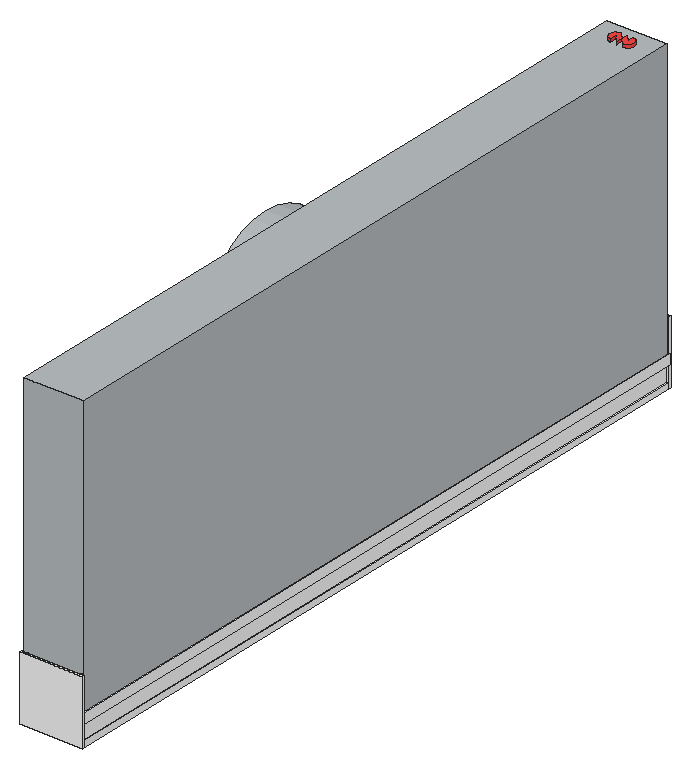
Revit family "NLRS_57_AIR_UN_linear-ceiling-grill-srxrxRUx_supply_LT_sacs", category Air Terminals, Revit 2021
Family settings
  Round Connector Dimension = Use Diameter
  Part Type = Normal
  Work Plane-Based = No
  Always vertical = Yes
  Cut with Voids When Loaded = No
  Shared = No
  Room Calculation Point = Yes
Parameters (values of type "600")
  URL = "https://solid-air.nl/producten/solid-air-plafondroosters-star-stbr/"
  Type Comments = "Standard grill with standard plenum"  # constant formula
  Swap_Endcap [instance] = no
  Slots (1-2) [instance] = 1
  SACS_Type_Mark [instance] = ""
  SACS_Standard_RAL [instance] = [Color option (0-4)] < 3  # yes
  SACS_Show_Symbol [instance] = yes
  SACS_Show_Arrows [instance] = yes
  SACS_Plenum_Offset [instance] = 17.6 mm + 4.5 mm  # 22.1 mm
  SACS_Plenum_L [instance] = NLRS_C_lengte - 12 mm  # 588 mm
  SACS_Plenum_H [instance] = 95 mm + NLRS_M_c01_diameter + 25 mm + 4.5 mm  # 249.5 mm
  SACS_Plenum_B [instance] = 48.8 mm + (SACS_Index1 - 1 mm) * 43.3  # 48.8 mm
  SACS_Option_6 [instance] = if(SACS_Standard_RAL, SACS_Color, if(SACS_Non_Standard_RAL, "Custom RAL color", "Custom non RAL color"))  # "RAL9010-55"
  SACS_Option_5 [instance] = if([Slots (1-2)] < 2, "Single slot", "2 slots")  # "Single slot"
  SACS_Option_4_Value [instance] = if(SACS_Index4 = 4 mm, 5, if(SACS_Index4 = 1 mm, 2, 1))  # 5
  SACS_Option_4 [instance] = if([Brackets (0-2)] = 1, "A = Grill bracket A", if([Brackets (0-2)] > 1, "B = Plenum bracket B", "O = None"))  # "O = None"
  SACS_Option_3 [instance] = if([Plenum_Type (1-2)] < 2, "R = Lined", "U = Plain")  # "R = Lined"
  SACS_Option_2 [instance] = if([Endcaps (0-2)] < 1, "A = None", if([Endcaps (0-2)] = 1, "B = One endcap", "D = Two endcaps"))  # "D = Two endcaps"
  SACS_Option_1 [instance] = "SROR"  # constant formula
  SACS_Offset1 [instance] = 99.5 mm + (SACS_Diameter / 2) + 4.5 mm  # 165.5 mm
  SACS_Non_Standard_RAL [instance] = [Color option (0-4)] = 3  # no
  SACS_Model [instance] = size_lookup(SACS_Data_Hidden, "Model", "NB", NLRS_C_lengte, SACS_Index1, SACS_Index2, SACS_Index3, SACS_Index4)  # "SRORDRO 600-1"
  SACS_Index4 [instance] = if([Brackets (0-2)] < 1, 4, if([Brackets (0-2)] > 1, 1, 0)) * 1 mm  # 4 mm
  SACS_Index3 [instance] = if([Plenum_Type (1-2)] < 2, 1 mm, 2 mm)  # 1 mm
  SACS_Index2 [instance] = if([Endcaps (0-2)] < 1, 0, if([Endcaps (0-2)] > 1, 3, 1)) * 1 mm  # 3 mm
  SACS_Index1 [instance] = if([Slots (1-2)] < 2, 1 mm, if([Slots (1-2)] = 2, 2 mm, if([Slots (1-2)] = 3, 3 mm, 4 mm)))  # 1 mm
  SACS_Face_Color [instance] = NLRS_57_ral 9010-55_gen_sacs
  SACS_Dummy = 1  # constant formula
  SACS_Diameter [instance] = NLRS_M_c01_diameter - 2 mm  # 123 mm
  SACS_Data_Hidden = "SRORxRUx"  # constant formula
  SACS_Custom_Color [instance] = ""
  SACS_Color [instance] = if([Color option (0-4)] < 1, "RAL9010-55", if([Color option (0-4)] = 1, "RAL9016-30", if([Color option (0-4)] = 2, "RAL9016-70", SACS_Custom_Color)))  # "RAL9010-55"
  SACS_Base_Index = 1
  SACS_Article_Code [instance] = if(SACS_Standard_RAL, size_lookup(SACS_Data_Hidden, SACS_Color, "NB", NLRS_C_lengte, SACS_Index1, SACS_Index2, SACS_Index3, SACS_Index4), "NB")  # "NB"
  SACS_Array_End [instance] = SACS_Array_Base * SACS_Array_Count * 2  # 400 mm
  SACS_Array_Count [instance] = if(NLRS_C_lengte > 1200 mm, 3, 2)  # 2
  SACS_Array_Base [instance] = NLRS_C_lengte / (SACS_Array_Count + 1) / 2  # 100 mm
  SA-Select [instance] = "https://selectietool.solid-air.nl/Dashboard/CPMDashPage/Show/7"
  Plenum_Type (1-2) [instance] = 1  # constant formula
  Plenum_Material = NLRS_57_sendzimir verzinkt_gen_sacs
  NLRS_M_c01_drukverlies_statisch [instance] = 0.0 Pa
  NLRS_M_c01_diameter [instance] = size_lookup(SACS_Data_Hidden, "Diam", 125 mm, NLRS_C_lengte, SACS_Index1, SACS_Index2, SACS_Index3, SACS_Index4)  # 125 mm
  NLRS_M_c01_debiet [instance] = 0.0 L/s
  NLRS_C_model [instance] = SACS_Model  # "SRORDRO 600-1"
  NLRS_C_materiaal_kleur [instance] = SACS_Color  # "RAL9010-55"
  NLRS_C_lengte [instance] = if(SACS_Base_Index = 1, 600 mm, if(SACS_Base_Index = 2, 750 mm, if(SACS_Base_Index = 3, 900 mm, if(SACS_Base_Index = 4, 1200 mm, if(SACS_Base_Index = 5, 1500 mm, 1800 mm)))))  # 600 mm
  NLRS_C_hoogte [instance] = SACS_Plenum_H * SACS_Dummy  # 249.5 mm
  NLRS_C_gtin_code [instance] = if([Color option (0-4)] = 0, size_lookup(SACS_Data_Hidden, "GTIN9010-55", "NB", NLRS_C_lengte, SACS_Index1, SACS_Index2, SACS_Index3, SACS_Index4), "NB")  # "NB"
  NLRS_C_description = Description  # "Solid Air Line Diffuser"
  NLRS_C_content_versie = "2.21.01"  # constant formula
  NLRS_C_content_provider = "Solid Air Climate Solutions"  # constant formula
  NLRS_C_content_datum_gewijzigd = "11-03-2024"  # constant formula
  NLRS_C_content_creator = "J.Feeke"  # constant formula
  NLRS_C_breedte [instance] = if([Brackets (0-2)] > 2, 65 mm, 52 mm) + (SACS_Index1 - 1 mm) * 43.3  # 52 mm
  Model = "Standard available SROR model and types"  # constant formula
  Min Flow = 0.0 L/s
  Max Flow = 0.0 L/s
  Manufacturer = "Solid Air Climate Solutions"  # constant formula
  Endcaps (0-2) [instance] = 2
  Description = "Solid Air Line Diffuser"  # constant formula
  Default Elevation = 2700 mm
  Color option (0-4) [instance] = 0
  Brackets (0-2) [instance] = 0
  Assembly Code = "57.00"
Types (7, lengths in mm): name | SACS_Plenum_L | SACS_Plenum_H | SACS_Offset1 | SACS_Model | SACS_Face_Color | SACS_Diameter | SACS_Base_Index | SACS_Article_Code | SACS_Array_End | SACS_Array_Count | SACS_Array_Base | NLRS_M_c01_diameter | NLRS_C_model | NLRS_C_lengte | NLRS_C_hoogte
  (no name) | 588 | 249.5 | 165.5 | "SRORDRO 600-1" | NLRS_57_ral 9010-55_gen_sacs | 123 | 1 | "NB" | 400 | 2 | 100 | 125 | "SRORDRO 600-1" | 600 | 249.5
  600 | 588 | 249.5 | 165.5 | "SRORDRO 600-1" | NLRS_57_ral 9010-55_gen_sacs | 123 | 1 | "NB" | 400 | 2 | 100 | 125 | "SRORDRO 600-1" | 600 | 249.5
  750 | 738 | 249.5 | 165.5 | "SRORDRO 750-1" | none | 123 | 2 | "NB" | 500 | 2 | 125 | 125 | "SRORDRO 750-1" | 750 | 249.5
  900 | 888 | 249.5 | 165.5 | "SRORDRO 900-1" | none | 123 | 3 | "8101002409" | 600 | 2 | 150 | 125 | "SRORDRO 900-1" | 900 | 249.5
  1200 | 1188 | 284.5 | 183 | "SRORDRO 1200-1" | none | 158 | 4 | "NB" | 800 | 2 | 200 | 160 | "SRORDRO 1200-1" | 1200 | 284.5
  1500 | 1488 | 284.5 | 183 | "SRORDRO 1500-1" | none | 158 | 5 | "NB" | 1125 | 3 | 187.5 | 160 | "SRORDRO 1500-1" | 1500 | 284.5
  1800 | 1788 | 324.5 | 203 | "SRORDRO 1800-1" | none | 198 | 6 | "NB" | 1350 | 3 | 225 | 200 | "SRORDRO 1800-1" | 1800 | 324.5
Reference planes
  plane 1 "Center (Front/Back)": y = 0
  plane 2: z = 0
  plane 3 "Center (Left/Right)": x = 0
  plane 4: y = 300
  plane 5: y = -300
  plane 6: y = 294
  plane 7: y = -294
  plane 8: x = -24.4
  plane 9: x = 24.4
  plane 10: x = -26
  plane 11: x = 26
  plane 12: x = -76
  plane 13: x = 76
  plane 14: z = 22.1
  plane 15: z = 165.5
  plane 16 "Top": z = 249.5
  plane 17: y = -200
  plane 18: y = 200
Forms (mm)
  Extrusion 1, solid, material "NLRS_57_sendzimir verzinkt_gen_sacs" <- "Plenum_Material", detail levels medium+fine
    sketch origin (0, 0, 0) x (1, 0, 0) y (0, 0, 1)
      loop
        line (-24.4, 249.5) -> (-24.4, 22.1) -> (24.4, 22.1) -> (24.4, 249.5) -> (-24.4, 249.5)
    from -294 to 294
  Extrusion 2, solid, material "NLRS_57_sendzimir verzinkt_gen_sacs" <- "Plenum_Material", detail levels medium+fine
    sketch origin (0, 0, 0) x (0, 1, 0) y (0, 0, 1)
      loop
        circle (0, 165.5) r 61.5
    from -64.4 to -24.4
Lines and regions (mm)
  model lines, visible <- "SACS_Show_Symbol", detail levels coarse
    curve 1: line (-26, 300, 0) -> (26, 300, 0)
    curve 2: line (-26, -300, 0) -> (-26, 300, 0)
    curve 3: line (26, -300, 0) -> (-26, -300, 0)
    curve 4: line (26, 300, 0) -> (26, -300, 0)
    curve 5: line (-26, 300, 0) -> (26, -300, 0)
Dimensions and locks
  equal spacing: plane 5, plane 1 "Center (Front/Back)", plane 4
  "NLRS_C_lengte": plane 5 to plane 4
  equal spacing: plane 6, plane 1 "Center (Front/Back)", plane 7
  "SACS_Plenum_L": plane 6 to plane 7
  equal spacing: plane 10, plane 3 "Center (Left/Right)", plane 11
  "NLRS_C_breedte": plane 10 to plane 11
  "SACS_Plenum_B": plane 8 to plane 9
  equal spacing: plane 8, plane 3 "Center (Left/Right)", plane 9
  locked: plane 12 to plane 10 at 50
  locked: plane 11 to plane 13 at 50
  "SACS_Plenum_Offset": plane 14 to plane 2
  "SACS_Plenum_H": plane 16 "Top" to plane 2
  "SACS_Offset1": plane 15 to plane 2
  locked: Extrusion 2 to plane 8 at 40
  "SACS_Array_Base": plane 5 to plane 17
  "SACS_Array_End": plane 18 to plane 17
  locked: plane 6 to nested 4 at 15
  group 1 to group 2 = 0 mm  (x2)
  group 1 to group 2 = 400 mm
  group 3 to group 4 = 0 mm  (x2)
  group 3 to group 4 = 400 mm
  "SACS_Diameter": diameter of Extrusion 2 sketch curve
  aligned and locked: level to plane 2
  aligned and locked: plane 8 to Extrusion 1 sketch curve
  aligned and locked: Extrusion 1 sketch curve to plane 9
  aligned and locked: plane 14 to Extrusion 1 sketch curve
  aligned and locked: Extrusion 1 sketch curve to plane 16 "Top"
  aligned and locked: plane 6 to Extrusion 1
  aligned and locked: Extrusion 1 to plane 7
  aligned and locked: plane 15 to Extrusion 2 sketch curve
  aligned and locked: plane 1 "Center (Front/Back)" to Extrusion 2 sketch curve
  aligned and locked: plane 8 to Extrusion 2
  aligned and locked: curve 2 to plane 10
  aligned and locked: plane 4 to curve 1
  aligned and locked: curve 3 to plane 5
  aligned and locked: plane 11 to curve 4
  aligned and locked: plane 3 "Center (Left/Right)" to nested 4
  aligned and locked: nested 2 to plane 17
  aligned and locked: nested 1 to plane 17
  aligned and locked: nested 1 to plane 13
  aligned and locked: plane 12 to nested 2
  aligned and locked: plane 12 to nested 5
  aligned and locked: nested 5 to plane 18
  aligned and locked: nested 6 to plane 18
  aligned and locked: nested 6 to plane 13
  aligned and locked: Extrusion 1 to plane 14
  aligned and locked: plane 16 "Top" to Extrusion 1
Nested families
  nested 1: "Arrow" at (251, -200, 0) x (-1, 0, 0) z (0, 0, 1), visible <- "SACS_Show_Arrows", type "Arrow"
  nested 2: "Arrow" at (-251, -200, 0), visible <- "SACS_Show_Arrows", type "Arrow"
  nested 3: "SxRxxx" at (0, 0, 0), type "SxRxxx", detail levels medium+fine
    with SACS_Array_End 400 mm, SACS_Array_Count 2, SACS_Array_Base 100 mm, Slots (1-4) 1, Single_Slot no, SACS_Width2 43.3 mm, Endplate_Front yes, Endplate_Back yes, Endcaps (0-3) 2, Default Elevation 2700 mm, Brackets (0-4) 5
  nested 4: "logo_SACS" at (0, 279, 249.5), type "logo_SACS"
    with t 5 mm
  nested 5: "Arrow" at (-251, 200, 0), visible <- "SACS_Show_Arrows", type "Arrow"
  nested 6: "Arrow" at (251, 200, 0) x (-1, 0, 0) z (0, 0, 1), visible <- "SACS_Show_Arrows", type "Arrow"
Connectors
  hvac at (-24.4, 0, 165.5), driven by "NLRS_M_c01_diameter", driven by "NLRS_M_c01_debiet", driven by "NLRS_M_c01_drukverlies_statisch"
    settings: on Extrusion 2, index 1, duct flow 0.0 L/s, flow factor 0, pres drop 0.0 Pa, loss coef 0, conn angle 0.00°, conn width 304.8 mm, conn height 304.8 mm, conn diameter 125 mm, duct sys type 2, conn prof type 0, flow config 1, flow direction 2, loss method 4, conn ref index -1, conn util no, is conn primary yes, conn desc ""
Definition of nested family "SxRxxx"
  Parameters (values of type "SxRxxx")
    dummy = 1  # constant formula
    Swap_Endcap = no
    Slots (1-4) = 2
    Single_Slot = [Slots (1-4)] = 2  # yes
    Safe_count = if([Slots (1-4)] < 3, 2, [Slots (1-4)] - 1)  # 2
    SACS_Width2 = (if([Slots (1-4)] < 2, 1, [Slots (1-4)])) * 43.3 mm  # 86.6 mm
    SACS_Real_Length = (L - 10 mm) * dummy  # 590 mm
    SACS_Array_End [instance] = SACS_Array_Base * SACS_Array_Count * 2  # 400 mm
    SACS_Array_Count [instance] = if(L > 600 mm, if(L - (rounddown(L / 600 mm) * 600 mm) = 0 mm, rounddown(L / 600 mm), rounddown(L / 600 mm) + 1), 2)  # 2
    SACS_Array_Base [instance] = L / (SACS_Array_Count + 1) / 2  # 100 mm
    Multiple_slot = [Slots (1-4)] > 2  # no
    Material = none
    L = 600 mm
    Flat_Front = or(Endplate_Front, [Endcaps (0-3)] = 3)  # yes
    Flat_Back = or(Endplate_Back, [Endcaps (0-3)] = 3)  # yes
    Endplate_Front = or(and([Endcaps (0-3)] > 1, [Endcaps (0-3)] < 3), and([Endcaps (0-3)] = 1, not(Swap_Endcap)))  # no
    Endplate_Back = or(and([Endcaps (0-3)] > 1, [Endcaps (0-3)] < 3), and([Endcaps (0-3)] = 1, Swap_Endcap))  # no
    Endcaps (0-3) = 3
    Description = "ST grill with brackets"  # constant formula
    Default Elevation = 0 mm
    D = 125 mm
    Ceiling = 5 mm
    Brackets (0-4) = 1
  Reference planes
    plane 1 "Center (Front/Back)": y = 0
    plane 2: z = 0
    plane 3 "Center (Left/Right)": x = 0
    plane 4: y = 295
    plane 5: y = -295
    plane 6: y = 296.5
    plane 7: y = -296.5
    plane 8: x = -43.3
    plane 9: x = 43.3
    plane 10: x = 0
    plane 11: x = 43.3
    plane 12: y = 300
    plane 13: y = -300
    plane 14: y = -200
    plane 15: y = 200
    plane 16: x = -46.85
    plane 17: x = 46.85
    plane 18: z = 52
  Forms (mm)
    Sweep 1, solid, material <- "Material", detail levels medium+fine
      path in 3D
        loop
          line (0, 295, 0) -> (0, -295, 0)
      profile "outerprofile : outerprofile" origin (0, 0, 0) x (1, 0, 0) y (0, 0, 1)
        loop
          line (45.85, 4.5) -> (45.85, 1.5) -> (44.05, 1.5) -> (44.05, 20.6) -> (46.6, 20.6) -> (46.6, 17.6) -> (47.6, 17.6) -> (47.6, 25.6) -> (46.6, 25.6) -> (46.6, 22.1) -> (44.05, 22.1) -> (44.05, 52) -> (42.55, 52) -> (42.55, 36.55) -> (39.3, 36.55) -> (39.3, 35.05) -> (42.55, 35.05) -> (42.55, 32.55) -> (39.3, 32.55) -> (39.3, 31.05) -> (42.55, 31.05) -> (42.55, 1.5) -> (31.25, 1.5) -> (31.25, 0) -> (46.85, 0) -> (46.85, 4.5) -> (45.85, 4.5)
        loop
          line (-45.85, 4.5) -> (-46.85, 4.5) -> (-46.85, 0) -> (-31.25, 0) -> (-31.25, 1.5) -> (-42.55, 1.5) -> (-42.55, 31.05) -> (-39.3, 31.05) -> (-39.3, 32.55) -> (-42.55, 32.55) -> (-42.55, 35.05) -> (-39.3, 35.05) -> (-39.3, 36.55) -> (-42.55, 36.55) -> (-42.55, 52) -> (-44.05, 52) -> (-44.05, 22.1) -> (-46.6, 22.1) -> (-46.6, 25.6) -> (-47.6, 25.6) -> (-47.6, 17.6) -> (-46.6, 17.6) -> (-46.6, 20.6) -> (-44.05, 20.6) -> (-44.05, 1.5) -> (-45.85, 1.5) -> (-45.85, 4.5)
    Extrusion 2, solid, material <- "Material", visible <- "Flat_Front", detail levels medium+fine
      sketch origin (0, 0, 0) x (1, 0, 0) y (0, 0, 1)
        loop
          line (-46.85, 52) -> (-46.85, 0) -> (46.85, 0) -> (46.85, 52) -> (-46.85, 52)
      from 295 to 296.5
    Extrusion 3, solid, material <- "Material", visible <- "Flat_Back", detail levels medium+fine
      sketch origin (0, 0, 0) x (1, 0, 0) y (0, 0, 1)
        loop
          line (-46.85, 52) -> (-46.85, 0) -> (46.85, 0) -> (46.85, 52) -> (-46.85, 52)
      from -296.5 to -295
    Extrusion 4, solid, not visible
      sketch origin (-547.644, -297.937, 0) x (1, 0, 0) y (0, 1, 0)
        loop
          arc (546.644, 298.937) -> (545.644, 297.937) -> (546.644, 296.937) r 1
          line (546.644, 296.937) -> (546.644, 297.937) -> (547.644, 296.937) -> (547.644, 297.937) -> (546.644, 298.937)
      from 0 to 2
    Extrusion 5, solid, not visible
      sketch origin (0, 0, 0) x (1, 0, 0) y (0, 1, 0)
        loop
          arc (1, -1) -> (2, 0) -> (1, 1) r 1
          line (1, 1) -> (1, 0) -> (0, 1) -> (0, 0) -> (1, -1)
      from 0 to 2
  Lines and regions (mm)
    model lines, not visible
      curve 1: line (0, 295, 0) -> (0, -295, 0)
    sketch lines
      curve 2: line (0, 295, 0) -> (0, -295, 0)
  Dimensions and locks
    equal spacing: plane 4, plane 1 "Center (Front/Back)", plane 5
    "SACS_Real_Length": plane 4 to plane 5
    locked: plane 6 to plane 4 at 1.5
    locked: plane 7 to plane 5 at 1.5
    equal spacing: plane 9, plane 3 "Center (Left/Right)", plane 8
    "SACS_Width2": plane 9 to plane 8
    locked: plane 10 to plane 8 at 43.3
    locked: plane 11 to plane 10 at 43.3
    group 1 to group 2 = 43.3 mm
    group 1 to group 2 = 0 mm  (x2)
    equal spacing: plane 12, plane 1 "Center (Front/Back)", plane 13
    "L": plane 12 to plane 13
    "SACS_Array_Base": plane 14 to plane 13
    "SACS_Array_End": plane 15 to plane 14
    group 3 to group 4 = 0 mm  (x2)
    group 3 to group 4 = 400 mm
    locked: plane 18 to plane 2 at 52
    locked: plane 17 to plane 9 at 3.55
    locked: plane 8 to plane 16 at 3.55
    plane 17 to plane 16 = 93.7 mm
    aligned and locked: level to plane 2
    aligned and locked: plane 5 to curve 1
    aligned and locked: plane 4 to curve 1
    aligned and locked: plane 1 "Center (Front/Back)" to nested 1
    aligned and locked: plane 3 "Center (Left/Right)" to nested 1
    aligned and locked: plane 1 "Center (Front/Back)" to nested 2
    aligned and locked: plane 10 to nested 2
    aligned and locked: plane 11 to nested 3
    aligned and locked: plane 3 "Center (Left/Right)" to nested 4
    aligned and locked: nested 4 to plane 14
    aligned and locked: nested 5 to plane 15
    aligned and locked: Extrusion 2 sketch curve to plane 18
    aligned and locked: plane 2 to Extrusion 2 sketch curve
    aligned and locked: plane 16 to Extrusion 2 sketch curve
    aligned and locked: Extrusion 2 sketch curve to plane 17
    aligned and locked: Extrusion 2 to plane 7
    aligned and locked: plane 5 to Extrusion 2
    aligned and locked: Extrusion 3 to plane 4
    aligned and locked: plane 6 to Extrusion 3
    aligned and locked: Extrusion 3 to plane 16
    aligned and locked: plane 17 to Extrusion 3
    aligned and locked: plane 18 to Extrusion 3
    aligned and locked: Extrusion 3 to plane 2
  Automatic sketch dimensions
    curve 1 to plane 3 "Center (Left/Right)" = 0 mm
    Extrusion 3 sketch curve to level = 0 mm
    Extrusion 3 sketch curve to plane 18 = 0 mm
    Extrusion 3 sketch curve to plane 16 = 0 mm
    Extrusion 3 sketch curve to Extrusion 3 sketch curve = 93.7 mm
    plane 1 "Center (Front/Back)" to Extrusion 4 sketch curve = 0 mm  (x3)
    Extrusion 4 sketch curve to plane 3 "Center (Left/Right)" = 0 mm
    Extrusion 4 sketch curve to plane 3 "Center (Left/Right)" = 1 mm
    Extrusion 4 sketch curve to Extrusion 4 sketch curve = 1 mm  (x2)
    plane 1 "Center (Front/Back)" to Extrusion 5 sketch curve = 0 mm  (x3)
    Extrusion 5 sketch curve to plane 3 "Center (Left/Right)" = 0 mm
    Extrusion 5 sketch curve to Extrusion 5 sketch curve = 1 mm  (x2)
    Extrusion 5 sketch curve to Extrusion 5 sketch curve = 0 mm
  Nested families
    nested 1: "midprofile" at (0, 0, 0), visible <- "Single_Slot", type "midprofile"
    nested 2: "midprofile" at (0, 0, 0), visible <- "Multiple_slot", type "midprofile", detail levels medium+fine
    nested 3: "midprofile" at (43.3, 0, 0), visible <- "Multiple_slot", type "midprofile", detail levels medium+fine
    nested 4: "bracket" at (0, -200, 0), type "bracket", detail levels medium+fine
      with slots 2, count 1
    nested 5: "bracket" at (0, 200, 0), type "bracket", detail levels medium+fine
      with slots 2, count 1
  Definition of nested family "midprofile"
    Parameters (values of type "midprofile")
      Material = none
      Draw_Length = 590 mm
      Description = "midprofile line diffusers"  # constant formula
      Default Elevation = 0 mm
    Reference planes
      plane 1 "Center (Front/Back)": y = 0
      plane 2: z = 0
      plane 3 "Center (Left/Right)": x = 0
      plane 4: y = 295
      plane 5: y = -295
      plane 6: x = -12
      plane 7: x = 12
      plane 8: x = -0.75
      plane 9: x = 0.75
      plane 10: z = 1.5
      plane 11: z = 30.3
    Forms (mm)
      Extrusion 1, solid, material <- "Material", detail levels medium+fine
        sketch origin (0, 0, 0) x (1, 0, 0) y (0, 0, 1)
          loop
            line (-0.75, 30.3) -> (-0.75, 1.5) -> (-12, 1.5) -> (-12, 0) -> (12, 0) -> (12, 1.5) -> (0.75, 1.5) -> (0.75, 30.3) -> (-0.75, 30.3)
        from -295 to 295
      Extrusion 2, solid, not visible
        sketch origin (-547.644, -297.937, 0) x (1, 0, 0) y (0, 1, 0)
          loop
            arc (545.644, 299.937) -> (543.644, 297.937) -> (545.644, 295.937) r 2
            line (545.644, 295.937) -> (545.644, 297.937) -> (547.644, 295.937) -> (547.644, 297.937) -> (545.644, 299.937)
        from 0 to 2
      Extrusion 3, solid, not visible
        sketch origin (0, 0, 0) x (1, 0, 0) y (0, 1, 0)
          loop
            arc (2, -2) -> (4, 0) -> (2, 2) r 2
            line (2, 2) -> (2, 0) -> (0, 2) -> (0, 0) -> (2, -2)
        from 0 to 2
    Dimensions and locks
      equal spacing: plane 4, plane 1 "Center (Front/Back)", plane 5
      "Draw_Length": plane 4 to plane 5
      locked: plane 10 to plane 2 at 1.5
      equal spacing: plane 9, plane 3 "Center (Left/Right)", plane 8
      locked: plane 9 to plane 8 at 1.5
      equal spacing: plane 7, plane 3 "Center (Left/Right)", plane 6
      locked: plane 7 to plane 6 at 24
      locked: plane 11 to plane 2 at 30.3
      aligned and locked: level to plane 2
      aligned and locked: plane 8 to Extrusion 1 sketch curve
      aligned and locked: Extrusion 1 sketch curve to plane 9
      aligned and locked: Extrusion 1 sketch curve to plane 11
      aligned and locked: Extrusion 1 sketch curve to plane 7
      aligned and locked: plane 6 to Extrusion 1 sketch curve
      aligned and locked: Extrusion 1 sketch curve to plane 10  (x2)
      aligned and locked: plane 2 to Extrusion 1 sketch curve
      aligned and locked: plane 4 to Extrusion 1
      aligned and locked: Extrusion 1 to plane 5
    Automatic sketch dimensions
      Extrusion 2 sketch curve to plane 7 = 14 mm
      Extrusion 2 sketch curve to Extrusion 2 sketch curve = 2 mm  (x3)
      plane 1 "Center (Front/Back)" to Extrusion 2 sketch curve = 2 mm
      Extrusion 2 sketch curve to Extrusion 2 sketch curve = 0 mm  (x2)
      Extrusion 3 sketch curve to plane 7 = 12 mm
      Extrusion 3 sketch curve to Extrusion 3 sketch curve = 2 mm  (x2)
      plane 1 "Center (Front/Back)" to Extrusion 3 sketch curve = 2 mm
      Extrusion 3 sketch curve to Extrusion 3 sketch curve = 0 mm  (x3)
  Definition of nested family "bracket"
    Parameters (values of type "bracket")
      slots = 1
      count = if(slots < 1, 0, (slots - 1)) * Dummy  # 0
      Type_D = Bracket = 4  # no
      Type_CD = or(Type_C, Type_D)  # no
      Type_C = Bracket = 3  # no
      Type_B = Bracket = 2  # no
      Type_A = Bracket = 1  # yes
      Material = none
      Dummy = 1  # constant formula
      Diameter = 125 mm
      Default Elevation = 0 mm
      Ceiling = 5 mm
      Bracket = 1
    Reference planes
      plane 1 "Center (Front/Back)": y = 0
      plane 2: z = 0
      plane 3 "Center (Left/Right)": x = 0
      plane 4: y = 7.5
      plane 5: y = -7.5
    Forms (mm)
      Sweep 1, solid, material <- "Material", visible <- "Type_A", detail levels medium+fine
        path in 3D
          loop
            line (0, 7.5, 32.8) -> (0, -7.5, 32.8)
        profile "Profile_A : Profile_A" origin (0, 0, 32.8) x (0, 0, -1) y (1, 0, 0)
          loop
            line (-17.25, 44.75) -> (-19.25, 44.75) -> (-19.25, 26.85) -> (16.42, 26.85) -> (18.67, 24.6) -> (12.3, 24.6) -> (12.3, 22.6) -> (28.25, 22.6) -> (28.25, 24.6) -> (21.5, 24.6) -> (17.25, 28.85) -> (-17.25, 28.85) -> (-17.25, 44.75)
          loop
            line (-17.25, -44.75) -> (-17.25, -28.85) -> (17.25, -28.85) -> (21.5, -24.6) -> (28.25, -24.6) -> (28.25, -22.6) -> (12.3, -22.6) -> (12.3, -24.6) -> (18.67, -24.6) -> (16.42, -26.85) -> (-19.25, -26.85) -> (-19.25, -44.75) -> (-17.25, -44.75)
      Sweep 2, solid, material <- "Material", visible <- "Type_B", detail levels medium+fine
        path in 3D
          loop
            line (0, 7.5, 32.8) -> (0, -7.5, 32.8)
        profile "Profile_B : Profile_B" origin (0, 0, 32.8) x (0, 0, -1) y (1, 0, 0)
          loop
            line (-216.75, 56.4) -> (-216.75, 24.4) -> (-184.75, 24.4) -> (-184.75, 26.4) -> (-214.75, 26.4) -> (-214.75, 56.4) -> (-216.75, 56.4)
          loop
            line (-216.75, -56.4) -> (-214.75, -56.4) -> (-214.75, -26.4) -> (-184.75, -26.4) -> (-184.75, -24.4) -> (-216.75, -24.4) -> (-216.75, -56.4)
      Sweep 3, solid, material <- "Material", visible <- "Type_CD", detail levels medium+fine
        path in 3D
          loop
            line (0, 7.5, 32.8) -> (0, -7.5, 32.8)
        profile "Profile_CD : Profile_CD" origin (0, 0, 32.8) x (0, 0, -1) y (1, 0, 0)
          loop
            line (-40.7, 25) -> (-40.7, -25) -> (18.3, -30.5) -> (18.3, -28.5) -> (-38.7, -23.55) -> (-38.7, 23.55) -> (18.3, 28.5) -> (18.3, 30.5) -> (-40.7, 25)
          loop
            arc (-25, -8.5) -> (-24.298, -10.428) -> (-22.521, -11.454) r 3
            line (-22.521, -11.454) -> (-2.826, -14.925)
            arc (-2.826, -14.925) -> (-2.234, -15.267) -> (-2, -15.91) r 1
            line (-2, -15.91) -> (-2, -20.5) -> (0, -20.5) -> (0, -15.91)
            arc (0, -15.91) -> (-0.702, -13.982) -> (-2.479, -12.956) r 3
            line (-2.479, -12.956) -> (-22.174, -9.485)
            arc (-22.174, -9.485) -> (-22.766, -9.143) -> (-23, -8.5) r 1
            line (-23, -8.5) -> (-23, 8.5)
            arc (-23, 8.5) -> (-22.766, 9.143) -> (-22.174, 9.485) r 1
            line (-22.174, 9.485) -> (-2.479, 12.956)
            arc (-2.479, 12.956) -> (-0.702, 13.982) -> (0, 15.91) r 3
            line (0, 15.91) -> (0, 20.5) -> (-2, 20.5) -> (-2, 15.91)
            arc (-2, 15.91) -> (-2.234, 15.267) -> (-2.826, 14.925) r 1
            line (-2.826, 14.925) -> (-22.521, 11.454)
            arc (-22.521, 11.454) -> (-24.298, 10.428) -> (-25, 8.5) r 3
            line (-25, 8.5) -> (-25, -8.5)
      Extrusion 4, solid, not visible
        sketch origin (-547.644, -297.937, 0) x (1, 0, 0) y (0, 1, 0)
          loop
            arc (545.644, 299.937) -> (543.644, 297.937) -> (545.644, 295.937) r 2
            line (545.644, 295.937) -> (545.644, 297.937) -> (547.644, 295.937) -> (547.644, 297.937) -> (545.644, 299.937)
        from 0 to 2
      Extrusion 5, solid, not visible
        sketch origin (0, 0, 0) x (1, 0, 0) y (0, 1, 0)
          loop
            arc (2, -2) -> (4, 0) -> (2, 2) r 2
            line (2, 2) -> (2, 0) -> (0, 2) -> (0, 0) -> (2, -2)
        from 0 to 2
    Lines and regions (mm)
      model lines, not visible
        curve 1: line (0, 7.5, 32.8) -> (0, -7.5, 32.8)
      sketch lines
        curve 2: line (0, 7.5, 32.8) -> (0, -7.5, 32.8)
        curve 3: line (0, 7.5, 32.8) -> (0, -7.5, 32.8)
        curve 4: line (0, 7.5, 32.8) -> (0, -7.5, 32.8)
    Dimensions and locks
      equal spacing: plane 5, plane 1 "Center (Front/Back)", plane 4
      locked: plane 4 to plane 5 at 15
      locked: plane 2 to curve 1 at 32.8
      aligned and locked: level to plane 2
      aligned and locked: plane 5 to curve 1
      aligned and locked: plane 4 to curve 1
    Automatic sketch dimensions
      plane 1 "Center (Front/Back)" to Extrusion 4 sketch curve = 0 mm  (x3)
      Extrusion 4 sketch curve to plane 3 "Center (Left/Right)" = 0 mm
      Extrusion 4 sketch curve to plane 3 "Center (Left/Right)" = 2 mm
      Extrusion 4 sketch curve to Extrusion 4 sketch curve = 2 mm  (x2)
      plane 1 "Center (Front/Back)" to Extrusion 5 sketch curve = 0 mm  (x3)
      Extrusion 5 sketch curve to plane 3 "Center (Left/Right)" = 0 mm
      Extrusion 5 sketch curve to Extrusion 5 sketch curve = 2 mm  (x2)
      Extrusion 5 sketch curve to Extrusion 5 sketch curve = 0 mm
Definition of nested family "logo_SACS"
  Parameters (values of type "logo_SACS")
    t = 2 mm
    Model = "LOD 400"
    Description = "Model type"
    Default Elevation = 1219.2 mm
  Reference planes
    plane 1 "Center (Front/Back)": y = 0
    plane 2: z = 0
    plane 3 "Center (Left/Right)": x = 0
    plane 4: z = 2
    plane 5: x = -4
    plane 6: y = -2
    plane 7: y = 2
    plane 8: x = -2
    plane 9: x = 2
    plane 10: x = 4
  Forms (mm)
    Extrusion 1, solid
      sketch origin (-547.644, -297.937, 0) x (1, 0, 0) y (0, 1, 0)
        loop
          arc (545.644, 299.937) -> (543.644, 297.937) -> (545.644, 295.937) r 2
          line (545.644, 295.937) -> (545.644, 297.937) -> (547.644, 295.937) -> (547.644, 297.937) -> (545.644, 299.937)
      from 0 to 2
    Extrusion 2, solid
      sketch origin (0, 0, 0) x (1, 0, 0) y (0, 1, 0)
        loop
          arc (2, -2) -> (4, 0) -> (2, 2) r 2
          line (2, 2) -> (2, 0) -> (0, 2) -> (0, 0) -> (2, -2)
      from 0 to 2
  Dimensions and locks
    "t": plane 7 to plane 1 "Center (Front/Back)"
    "t": plane 6 to plane 1 "Center (Front/Back)"
    "t": plane 5 to plane 8
    "t": plane 8 to plane 3 "Center (Left/Right)"
    "t": plane 3 "Center (Left/Right)" to plane 9
    "t": plane 9 to plane 10
    aligned and locked: level to plane 2
    aligned and locked: plane 4 to Extrusion 1
  Automatic sketch dimensions
    plane 1 "Center (Front/Back)" to Extrusion 1 sketch curve = 0 mm  (x3)
    Extrusion 1 sketch curve to plane 8 = 0 mm
    Extrusion 1 sketch curve to plane 7 = 0 mm
    Extrusion 1 sketch curve to plane 3 "Center (Left/Right)" = 0 mm
    Extrusion 1 sketch curve to plane 6 = 0 mm
    Extrusion 2 sketch curve to plane 3 "Center (Left/Right)" = 0 mm
    plane 1 "Center (Front/Back)" to Extrusion 2 sketch curve = 0 mm  (x3)
    Extrusion 2 sketch curve to plane 6 = 0 mm
    Extrusion 2 sketch curve to plane 9 = 0 mm
    Extrusion 2 sketch curve to plane 7 = 0 mm
Definition of nested family "Arrow"
  Parameters (values of type "Arrow")
    Offset = 400 mm
    Arrow_Length = 175 mm  # constant formula
  Reference planes
    plane 1 "Center (Front/Back)": y = 0
    plane 2: z = 0
    plane 3 "Center (Left/Right)": x = 0
    plane 4: x = 175
    plane 5: y = 0
    plane 6: x = 175
    plane 7: x = 0
    plane 8: y = 0
  Lines and regions (mm)
    Filled region 1, type "Solid Fill - Black", in view "Ref. Level"
      outline origin (0, 0, 0) x (0, -1, 0) y (1, 0, 0)
        loop
          line (0, 175) -> (-21.131, 129.685) -> (21.131, 129.685) -> (0, 175)
    detail lines, in view "Ref. Level"
      curve 1: line (0, 0, 0) -> (152.343, 0, 0)
  Dimensions and locks
    locked: plane 3 "Center (Left/Right)" to plane 7
    locked: plane 8 to plane 1 "Center (Front/Back)" at 0
    locked: Filled region 1 sketch curve to Filled region 1 sketch curve at 50  (x2)
    "Arrow_Length": plane 3 "Center (Left/Right)" to plane 6
    locked: Filled region 1 sketch curve to curve 1 (angle 25.00°)
    locked: curve 1 to Filled region 1 sketch curve (angle 25.00°)
  Automatic sketch dimensions
    plane 1 "Center (Front/Back)" to Filled region 1 sketch curve = 0 mm
    Filled region 1 sketch curve to plane 4 = 45.315 mm
    plane 1 "Center (Front/Back)" to curve 1 = 0 mm
    curve 1 to plane 3 "Center (Left/Right)" = 0 mm
    curve 1 to plane 4 = 22.657 mm
